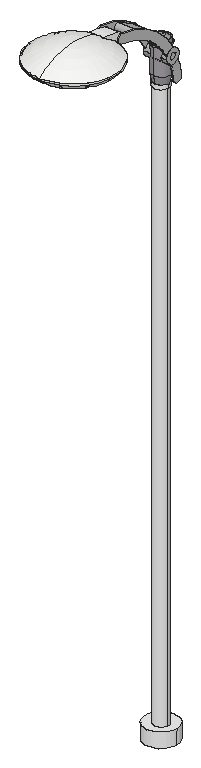
Revit family "FH_Pole", category Lighting Fixtures, Revit 2021
Family settings
  Round Connector Dimension = Use Diameter
  Part Type = Normal
  OmniClass Number = 23.80.70.14.21
  OmniClass Title = Street and Roadway Lighting
  Work Plane-Based = No
  Always vertical = Yes
  Cut with Voids When Loaded = No
  Light Source = No
  Shared = No
  Room Calculation Point = No
Parameters (values of type "FH_Curved_Arm")
  Wattage Comments = "60 LEDs, 68 W"  # constant formula
  Voltage = 120 V
  URL = "https://www.currentlighting.com/aal"
  Type Comments = "Lighting Fixture"  # constant formula
  Straight Arm With Extension = no
  Straight Arm = no
  Straight = FH-Straight : FH-Straight
  Series = "Flex"  # constant formula
  Product Page URL = ""
  Product Documentaion Link = ""
  Power Factor = 1  # constant formula
  Pole Height = Mount Height - 16 1/2"  # 163 1/2"
  Pole Finish = Metal-Aluminum Alloy
  Photometric Notes = "More IES files download on Photometric Web Link"  # constant formula
  Number of Poles = 1
  Mount Height = 180"
  Model = "FH"  # constant formula
  Manufacturer = "Architectural Area Lighting"  # constant formula
  Load Classification = Lighting
  Lamp = "LED"  # constant formula
  Inside Material = Metal-Aluminum-Reflective
  IP Rating = "IP66"  # constant formula
  Housing Material = Metal-Aluminum Alloy
  Glass Material = Glass--Clear
  Finish = "All colors shall be a Super TGIC powder coat paint. Optional white (WH) and custom colors available."
  Extension Rod = no
  Description = "Product Description Flex features AALs exclusive MicroCore technology which provides ample, smooth, even illumination of the environment. The precision aiming system of AALs MicroCore technology ensures that even when looking directly at the luminaire, only one-half of the LEDs can be viewed at any given time. Upgrade kits are available for existing HID installations. Multiple arm designs and mounting options, including single, twin, tri and quad shape, form a versatile create it yourself look."  # constant formula
  Default Elevation = 0"
  Curved Arm with Extension = no
  Curved Arm = yes
  Curved = FH : FH
  Contact us = ""
  Assembly Code = "D5020200"
  Arm Material = Metal-Aluminum Alloy
  Apparent Load = 68 VA
  Height = 17 1/2"
  Angle Bee = 180.00°
Types (4): name | Straight Arm With Extension | Straight Arm | Extension Rod | Curved Arm with Extension | Curved Arm
  FH_Straight_Arm | no | yes | no | no | no
  FH_Straight_Arm_With_Extension | yes | yes | yes | no | no
  FH_Curved_Arm | no | no | no | no | yes
  FH_Curved_Arm_Wtih_Extension | no | no | yes | yes | yes
Reference planes (in)
  plane 1 "Center (Front/Back)": y = 0
  plane 2: z = 177
  plane 3 "Center (Left/Right)": x = -1.40174
  plane 4 "TOP": z = 180
  plane 5: x = 1.59826
  plane 6: x = -4.40174
  plane 7: z = 162.5
  plane 8: x = 7.09826
  plane 9: x = -9.90174
  plane 10: x = 2.59826
  plane 11: x = -5.40174
  plane 12: y = -3
  plane 13: x = 3.34826
  plane 14: x = -6.15174
  plane 15: y = 3
  plane 16: y = 4
  plane 17: y = -4
  plane 18 "Bottom": z = 160.75
  plane 19: z = 163
  plane 20: z = 0
Dimensions and locks (in)
  locked: plane 2 to plane 4 "TOP" at 3
  locked: plane 18 "Bottom" to plane 19 at 2.25
  locked: plane 18 "Bottom" to plane 7 at 1.75
  equal spacing: plane 9, plane 3 "Center (Left/Right)", plane 8
  locked: plane 9 to plane 8 at 17
  plane 17 to plane 1 "Center (Front/Back)" to plane 16 = 4" locked, 4" locked
  plane 12 to plane 1 "Center (Front/Back)" to plane 15 = 3" locked, 3" locked
  plane 14 to plane 3 "Center (Left/Right)" to plane 13 = 4 3/4" locked, 4 3/4" locked
  plane 11 to plane 3 "Center (Left/Right)" to plane 10 = 4" locked, 4" locked
  plane 6 to plane 3 "Center (Left/Right)" to plane 5 = 3" locked, 3" locked
  "Height": plane 7 to plane 4 "TOP"
  "Mount Height": level to plane 4 "TOP"
  locked: nested 2 to plane 1 "Center (Front/Back)" at 23.83524
  locked: plane 4 "TOP" to nested 2 at 16.5
  aligned and locked: plane 3 "Center (Left/Right)" to nested 1
  aligned and locked: plane 19 to nested 3
  aligned and locked: nested 2 to nested 3
  aligned and locked: nested 3 to nested 2
  aligned and locked: nested 4 to nested 2
  aligned and locked: nested 4 to plane 19
  aligned and locked: nested 2 to nested 4
Nested families (in)
  nested 1: "Notation" at (-1.40174, 8.53943, 0), type "Notation"
  nested 2: "Lighting_Fixture-Kim_Lighting-Post" at (-1.40174, -23.83524, 0), type "Lighting_Fixture-Kim_Lighting-Post"
    with Total Pole Height 163 1/2"
  nested 3: "FH" at (-1.40174, -55.8998, 162.99941), visible <- "Curved Arm", type <- "Curved", type "FH"
    with Note Visible no, Curved Arm With Extension no
  nested 4: "FH-Straight" at (-1.40174, -55.8998, 162.99941), visible <- "Straight Arm", type <- "Straight", type "FH-Straight"
Connectors (in)
  electrical at (-1.40174, -23.83524, 0), driven by "Voltage", driven by "Apparent Load", driven by "Power Factor"
    settings: on nested 2, index 1, voltage 120 V, apparent load 68 VA, apparent load phase1 0 VA, apparent load phase2 0 VA, apparent load phase3 0 VA, power factor 1, load classification "Other", number of poles 1, system type 30, power factor state 1, is connector primary yes, connector utility no, sub classification motor no, connector description "Lighting connector"
Definition of nested family "Lighting_Fixture-Kim_Lighting-Post"
  Parameters
    URL = "www.kimlighting.com"
    Total Pole Height = 192"
    Series = "Site/Roadway"  # constant formula
    Revisions Date = "1/11/10"  # constant formula
    Default Elevation = 0"
    Cap Radius = Pole Radius + 1/8"  # 2 1/8"
    Base Radius = 4 1/2"  # constant formula
    Pole Radius = 2"  # constant formula
    OmniClass Title = "Lighting Poles and Standards"  # constant formula
    OmniClass Number = "23.60.30.24.14"  # constant formula
    Model = ""
    Material = none
    MasterFormat Title = "Lighting Poles and Standards"  # constant formula
    MasterFormat Number = "26.56.13"  # constant formula
    Manufacturer = "KIM Lighting"  # constant formula
    LEED = "www.usgbc.org"
    Height of Base = 4"  # constant formula
    Description = "Lighting Post"  # constant formula
    Assembly Code = "D5020280"
    Architectural Design Manual = ""
  Reference planes (in)
    plane 1 "Center (Front/Back)": y = 0
    plane 2: z = 4
    plane 3 "Center (Left/Right)": x = 0
    plane 4 "Top": z = 192
    plane 5: y = -2
    plane 6: y = -4.5
    plane 7: x = -4.5
    plane 8: x = 4.5
    plane 9: y = 4.5
  Forms (in)
    Extrusion 1, solid, material <- "Material", detail levels medium+fine
      sketch origin (0, 0, 0) x (1, 0, 0) y (0, 1, 0)
        loop
          circle (0, 0) r 4.5
      from 0 to 4
    Extrusion 2, solid, material <- "Material"
      sketch origin (0, 0, 4) x (1, 0, 0) y (0, 1, 0)
        loop
          circle (0, 0) r 2
      from -4 to 188
    Extrusion 3, solid, material <- "Material", detail levels fine
      sketch origin (0, 0, 0) x (1, 0, 0) y (0, 1, 0)
        loop
          circle (0, 0) r 2.125
      from 190.99811 to 192
  Lines and regions (in)
    Masking region 1, detail levels medium+fine
      outline origin (0, 0, 0) x (1, 0, 0) y (0, 1, 0)
        loop
          circle (0, 0) r 4.5
    Masking region 2, detail levels medium+fine
      outline origin (0, 0, 0) x (1, 0, 0) y (0, 0, 1)
        loop
          line (-4.5, 0) -> (4.5, 0) -> (4.5, 4) -> (2, 4) -> (2, 192) -> (-2, 192) -> (-2, 4) -> (-4.5, 4) -> (-4.5, 0)
    Masking region 3, detail levels medium+fine
      outline origin (0, 0, 0) x (0, 1, 0) y (0, 0, 1)
        loop
          line (4.5, 0) -> (4.5, 4) -> (2, 4) -> (2, 192) -> (-2, 192) -> (-2, 4) -> (-4.5, 4) -> (-4.5, 0) -> (4.5, 0)
    Masking region 4, detail levels coarse
      outline origin (0, 0, 0) x (1, 0, 0) y (0, 0, 1)
        loop
          line (-2, 192) -> (-2, 0) -> (2, 0) -> (2, 192) -> (-2, 192)
    Masking region 5, detail levels coarse
      outline origin (0, 0, 0) x (0, 1, 0) y (0, 0, 1)
        loop
          line (2, 192) -> (-2, 192) -> (-2, 0) -> (2, 0) -> (2, 192)
    Masking region 6, detail levels fine
      outline origin (0, 0, 0) x (1, 0, 0) y (0, 0, 1)
        loop
          line (-2.125, 192) -> (-2.125, 190.99811) -> (2.125, 190.99811) -> (2.125, 192) -> (-2.125, 192)
    symbolic lines, detail levels fine
      curve 1: circle (0, 0, 0) r 2 normal (0, 0, 1)
      curve 2: circle (0, 0, 0) r 4.5 normal (0, 0, 1)
      curve 3: line (-2, 0, 4) -> (2, 0, 4)
      curve 4: line (0, 2, 4) -> (0, -2, 4)
    symbolic lines, detail levels coarse
      curve 5: line (-4.5, 4.5, 0) -> (4.5, 4.5, 0)
      curve 6: line (-4.5, -4.5, 0) -> (-4.5, 4.5, 0)
      curve 7: line (4.5, -4.5, 0) -> (-4.5, -4.5, 0)
      curve 8: line (4.5, 4.5, 0) -> (4.5, -4.5, 0)
  Dimensions and locks (in)
    "Height of Base": plane 2 to level
    "Total Pole Height": plane 4 "Top" to level
    "Pole Radius": plane 1 "Center (Front/Back)" to plane 5
    "Base Radius": plane 1 "Center (Front/Back)" to plane 6
    Masking region 2 sketch curve to Masking region 2 sketch curve to plane 3 "Center (Left/Right)" to Masking region 2 sketch curve to Masking region 2 sketch curve = 2 1/2" locked, 2" locked, 2" locked, 2 1/2" locked
    Masking region 3 sketch curve to Masking region 3 sketch curve to plane 1 "Center (Front/Back)" to Masking region 3 sketch curve to Masking region 3 sketch curve = 2 1/2" locked, 2" locked, 2" locked, 2 1/2" locked
    "Pole Radius": plane 3 "Center (Left/Right)" to Masking region 4 sketch curve
    "Pole Radius": Masking region 4 sketch curve to plane 3 "Center (Left/Right)"
    "Pole Radius": Masking region 5 sketch curve to plane 1 "Center (Front/Back)"
    "Pole Radius": plane 1 "Center (Front/Back)" to Masking region 5 sketch curve
    "Base Radius": plane 6 to plane 1 "Center (Front/Back)"
    "Base Radius": plane 1 "Center (Front/Back)" to plane 9
    "Base Radius": plane 7 to plane 3 "Center (Left/Right)"
    "Base Radius": plane 3 "Center (Left/Right)" to plane 8
    locked: plane 4 "Top" to Extrusion 3 at 1.00189
    "Cap Radius": Masking region 6 sketch curve to plane 3 "Center (Left/Right)"  (x2)
    "Base Radius": radius of Extrusion 1 sketch curve
    "Pole Radius": radius of Extrusion 2 sketch curve
    "Base Radius": radius of curve 2
    "Pole Radius": radius of curve 1
    "Base Radius": radius of Masking region 1 sketch curve
    "Cap Radius": radius of Extrusion 3 sketch curve
    aligned and locked: plane 1 "Center (Front/Back)" to Extrusion 1 sketch curve
    aligned and locked: plane 3 "Center (Left/Right)" to Extrusion 1 sketch curve
    aligned and locked: Extrusion 1 to level
    aligned and locked: plane 2 to Extrusion 1
    aligned and locked: plane 1 "Center (Front/Back)" to Extrusion 2 sketch curve
    aligned and locked: plane 3 "Center (Left/Right)" to Extrusion 2 sketch curve
    aligned and locked: plane 4 "Top" to Extrusion 2
    aligned and locked: plane 3 "Center (Left/Right)" to curve 1
    aligned and locked: plane 3 "Center (Left/Right)" to curve 2
    aligned and locked: plane 1 "Center (Front/Back)" to curve 2
    aligned and locked: plane 1 "Center (Front/Back)" to curve 1
    aligned and locked: plane 3 "Center (Left/Right)" to Masking region 1 sketch curve
    aligned and locked: plane 1 "Center (Front/Back)" to Masking region 1 sketch curve
    aligned and locked: Extrusion 2 to level
    aligned and locked: Masking region 2 sketch curve to level
    aligned and locked: plane 2 to Masking region 2 sketch curve  (x2)
    aligned and locked: plane 4 "Top" to Masking region 2 sketch curve
    aligned and locked: Masking region 2 to curve 3  (x2)
    aligned and locked: curve 3 to plane 2
    aligned and locked: plane 4 "Top" to Masking region 3 sketch curve
    aligned and locked: plane 2 to Masking region 3 sketch curve  (x2)
    aligned and locked: Masking region 3 sketch curve to level
    aligned and locked: Masking region 3 to curve 4
    aligned and locked: plane 5 to curve 4
    aligned and locked: curve 4 to plane 2
    aligned and locked: level to Masking region 4 sketch curve
    aligned and locked: Masking region 4 sketch curve to plane 4 "Top"
    aligned and locked: level to Masking region 5 sketch curve
    aligned and locked: Masking region 5 sketch curve to plane 4 "Top"
    aligned and locked: plane 7 to curve 5
    aligned and locked: plane 9 to curve 5
    aligned and locked: plane 6 to curve 8
    aligned and locked: curve 8 to plane 8
    aligned and locked: plane 4 "Top" to Extrusion 3
    aligned and locked: plane 4 "Top" to Masking region 6 sketch curve
    aligned and locked: Masking region 6 sketch curve to Extrusion 3
  Automatic sketch dimensions
    Extrusion 3 sketch curve to plane 1 "Center (Front/Back)" = 0"
    Extrusion 3 sketch curve to plane 3 "Center (Left/Right)" = 0"
Definition of nested family "FH"
  Parameters
    Straight Arm With Extension = no
    Pole Finish = none
    Extension Rod = yes
    Default elevation = 0"
    Height = 31"  # constant formula
    Length = 42"  # constant formula
    Wattage Comments = "MH150/U"
    Wattage = 80 W
    built-in parameter 1150110 = 1 (stored number, unit not read)
    Voltage = 277 V  # constant formula
    Width = 4"  # constant formula
    URL = "http://www.aal.net/"
    built-in parameter 1114217 = 1 (stored number, unit not read)
    Tilt Angle = 90.00°
    built-in parameter 1150109 = 1 (stored number, unit not read)
    built-in parameter 1150134 = (empty or 0)
    built-in parameter 1150113 = 1 (stored number, unit not read)
    Series = "FLex"  # constant formula
    Revision Date = "02/23/2010"  # constant formula
    Framing Material = none
    Power Factor = 1  # constant formula
    Photometric Web File = "FH-T2-56LED-3K-450.ies"
    OmniClass Title = "Post-Top Lighting"  # constant formula
    OmniClass Number = "23.80.70.14.11.14"  # constant formula
    Number of Poles = 1
    Note Visible = yes
    Note Text = "LF"  # constant formula
    Model = "24\" , FH2-150MH"
    MasterFormat Title = "Area Lighting"  # constant formula
    MasterFormat Number = "26.56.29"  # constant formula
    Manufacturer = "Architectural Area Lighting"  # constant formula
    Lumens = 8160 lm
    built-in parameter 1150115 = 1 (stored number, unit not read)
    built-in parameter 1150105 = 649.16 (stored number, unit not read)
    built-in parameter 1150137 = (empty or 0)
    built-in parameter 1150139 = (empty or 0)
    built-in parameter 1150112 = 1 (stored number, unit not read)
    built-in parameter 1150114 = 1 (stored number, unit not read)
    Lamp = "150 WATT MEDIUM BASE ED-17 CLEAR MH LAMP"
    built-in parameter 1150132 = (empty or 0)
    built-in parameter 1150102 = (empty or 0)
    built-in parameter 1150138 = (empty or 0)
    built-in parameter 1150107 = 3000 (stored number, unit not read)
    built-in parameter 1150106 = 6.4916 (stored number, unit not read)
    Housing Material = none
    Glazing Type = none
    Full Load Current = 0.73 A  # constant formula
    Frequency = 60 Hz  # constant formula
    built-in parameter 1150104 = 9.4761 (stored number, unit not read)
    Dimming Lamp Color Temperature Shift = (empty or 0)
    Description = "Exterior Lighting"  # constant formula
    Default Elevation = 0"
    Curved Arm With Extension = yes
    Color Filter = 16777215
    built-in parameter 1114218 = 1 (stored number, unit not read)
    built-in parameter 1150133 = 10 (stored number, unit not read)
    Assembly Code = "D5020210"
    Architectural Design Manual = "http://www.aal.net/sections/downloads/html/downloads.html"
    Apparent Load = 150 VA
    Absolute Lumens = 12500 lm
    AAL IES File = "FH2-150MH.IES"
  Reference planes (in)
    plane 1 "Light Source Axis (F/B)": y = 1.68956
    plane 2: z = 0.00059
    plane 3 "Light Source Axis (L/R)": x = 0
    plane 4 "Light Source Elevation": z = 18.00059
    plane 5 "Top": z = 31.00059
    plane 6 "Back": y = 32.06456
    plane 7 "Front": y = -9.93544
    plane 8: y = 13.31456
  Forms (in)
    Revolve 1, solid, material <- "Housing Material"
      sketch origin (0, 0, 0) x (0, 1, 0) y (0, 0, 1)
        loop
          arc (1.68956, 23.41936) -> (-4.44431, 22.41331) -> (-9.93544, 19.50059) r 19.20214
          line (-9.93544, 19.50059) -> (-9.93544, 19.00059) -> (-9.68544, 19.00059) -> (-9.68544, 19.37614)
          arc (-9.68544, 19.37614) -> (-4.30584, 22.19606) -> (1.68956, 23.16936) r 18.95214
          line (1.68956, 23.16936) -> (1.68956, 23.41936)
        axis (1.68956, 23.41936) -> (1.68956, 19.00059)
      angle from 0 to 360
    Revolve 2, solid, material <- "Housing Material"
      sketch origin (0, 0, 0) x (0, 1, 0) y (0, 0, 1)
        loop
          line (-5.93544, 17.00059) -> (-5.93544, 17.06309) -> (-6.1739, 17.06309)
          arc (-6.1739, 17.06309) -> (-8.25434, 17.57991) -> (-9.85966, 19.00059) r 4.50026
          line (-9.85966, 19.00059) -> (-9.93544, 19.00059)
          arc (-9.93544, 19.00059) -> (-8.30246, 17.53465) -> (-6.17399, 17.00059) r 4.56276
          line (-6.17399, 17.00059) -> (-5.93544, 17.00059)
        axis (1.68956, 19.00059) -> (1.68956, 17.00059)
      angle from 0 to 360
    Extrusion 3, solid, material <- "Glazing Type"
      sketch origin (0, 0, 18.00059) x (0, -1, 0) y (-1, 0, 0)
        loop
          circle (-1.68956, 0) r 7.625
      from 0.9375 to 1
    Extrusion 4, solid, material <- "Housing Material"
      sketch origin (0, 0, 0) x (0, 1, 0) y (0, 0, 1)
        loop
          line (9.25725, 21.73831) -> (9.36016, 16.99823)
          arc (9.36016, 16.99823) -> (12.16761, 17.24164) -> (14.90087, 17.92748) r 17.70208
          arc (14.90087, 17.92748) -> (15.87284, 19.34576) -> (14.90087, 20.76405) r 1.52075
          arc (14.90087, 20.76405) -> (12.114, 21.45358) -> (9.25725, 21.73831) r 20.06345
      from -2 to 2
    Extrusion 5, solid, material <- "Framing Material"
      sketch origin (0, 0, 0) x (0, 1, 0) y (0, 0, 1)
        loop
          arc (32.82433, 1.37216) -> (34.26512, 0.34789) -> (35.28939, 1.78867) r 1.25
          arc (35.28939, 1.78867) -> (28.33631, 14.70455) -> (14.96687, 20.73973) r 22.87006
          arc (14.96687, 20.73973) -> (13.60104, 19.61745) -> (14.72333, 18.25162) r 1.25
          arc (14.72333, 18.25162) -> (26.63131, 12.87617) -> (32.82433, 1.37216) r 20.37006
      from 2.75 to 3
    Extrusion 6, solid, material <- "Framing Material"
      sketch origin (0, 12, 0) x (0, 1, 0) y (0, 0, 1)
        loop
          arc (20.82433, 1.37216) -> (22.26512, 0.34789) -> (23.28939, 1.78867) r 1.25
          arc (23.28939, 1.78867) -> (16.33631, 14.70455) -> (2.96687, 20.73973) r 22.87006
          arc (2.96687, 20.73973) -> (1.60104, 19.61745) -> (2.72333, 18.25162) r 1.25
          arc (2.72333, 18.25162) -> (14.63131, 12.87617) -> (20.82433, 1.37216) r 20.37006
      from -2.75 to -3
    Revolve 7, solid
      sketch origin (0, 0, 0) x (0, 1, 0) y (0, 0, 1)
        loop
          line (32.06456, 0.00059) -> (32.06456, 11.96459) -> (31.00234, 11.96459) -> (30.13372, 11.47198) -> (29.63372, 11.47198) -> (29.63372, 10.41968) -> (29.38372, 10.41968) -> (29.38372, 10.16968) -> (29.63372, 10.16968) -> (29.63372, 2.68011) -> (30.25234, 0.00059) -> (32.06456, 0.00059)
        axis (32.06456, 0.00059) -> (32.06456, 11.96459)
      angle from 0 to 360
    Extrusion 8, solid, material <- "Framing Material"
      sketch origin (0, 0, 0) x (0, 1, 0) y (0, 0, 1)
        loop
          circle (32.06456, 7.72793) r 1
        loop
          circle (32.06456, 7.72793) r 2
      from -3.25 to 3.25
    Extrusion 9, solid, material <- "Framing Material"
      sketch origin (0, 0, 0) x (0, 1, 0) y (0, 0, 1)
        loop
          arc (19.59353, 17.42586) -> (23.47802, 15.58128) -> (26.89545, 12.97114) r 20.62006
          arc (26.89545, 12.97114) -> (28.1205, 13.18976) -> (28.26853, 14.42532) r 1.04542
          arc (28.26853, 14.42532) -> (24.51963, 17.28863) -> (20.25838, 19.31212) r 22.62006
          arc (20.25838, 19.31212) -> (19.17669, 18.63308) -> (19.59353, 17.42586) r 1.02659
      from -2.75 to 2.75
    Revolve 10, solid, material <- "Pole Finish", visible <- "Curved Arm With Extension"
      sketch origin (0.05732, 55.69327, -163.0152) x (0, 1, 0) y (0, 0, 1)
        loop
          line (-23.83524, 174.964) -> (-23.83524, 194.6515)
          arc (-23.83524, 194.6515) -> (-24.71112, 194.33015) -> (-25.40049, 193.7015) r 2.42135
          line (-25.40049, 193.7015) -> (-25.40049, 193.59375) -> (-25.24149, 193.59375) -> (-25.24149, 193.375) -> (-25.40049, 193.375) -> (-25.40049, 191.46674) -> (-24.96024, 191.0265) -> (-24.96024, 174.964) -> (-23.83524, 174.964)
        axis (-23.83524, 174.964) -> (-23.83524, 194.6515)
      angle from 0 to 360
    Revolve 11, solid, material <- "Pole Finish", visible <- "Curved Arm With Extension"
      sketch origin (2.08401, 48.41128, 47.52375) x (1, 0, 0) y (0, 0.681998, 0.731354)
        loop
          line (-3.68127, -25.40448) -> (-3.58258, -25.40448) -> (-3.58258, -24.46424)
          arc (-3.58258, -24.46424) -> (-3.46708, -24.30979) -> (-3.423, -24.12203) r 0.47197
          arc (-3.423, -24.12203) -> (-3.5951, -23.93195) -> (-3.83258, -23.83524) r 0.57684
          line (-3.83258, -23.83524) -> (-3.83258, -39.94098) -> (-3.68127, -39.94098) -> (-3.68127, -25.40448)
        axis (-3.83258, -23.83524) -> (-3.83258, -39.94098)
      angle from 0 to 360
    Revolve 12, solid, material <- "Pole Finish", visible <- "Curved Arm With Extension"
      sketch origin (-1.96937, 48.41128, 47.52375) x (-1, 0, 0) y (0, -0.681998, -0.731354)
        loop
          line (-3.68127, 25.40448) -> (-3.68127, 40.16707) -> (-3.83258, 40.16707) -> (-3.83258, 23.83524)
          arc (-3.83258, 23.83524) -> (-3.5951, 23.93195) -> (-3.423, 24.12203) r 0.57684
          arc (-3.423, 24.12203) -> (-3.46708, 24.30979) -> (-3.58258, 24.46424) r 0.47197
          line (-3.58258, 24.46424) -> (-3.58258, 25.40448) -> (-3.68127, 25.40448)
        axis (-3.83258, 23.83524) -> (-3.83258, 40.16707)
      angle from 0 to 360
  Cuts and joins
    joined: Extrusion 5, Extrusion 6, Extrusion 8
    joined: Revolve 1, Extrusion 4
  Lines and regions (in)
    reference lines
      curve 1: line (0, 37.41735, 7.8317) -> (0, 7.10647, 25.3317)
    symbolic lines, detail levels fine
      curve 2: arc (0, 13.31456, 19.4909) -> (0, 11.43775, 20.7238) -> (0, 9.43162, 21.73271) r 19.49638
      curve 3: arc (0, 13.31456, 19.00059) -> (0, 11.68119, 17.53532) -> (0, 9.55311, 17.00037) r 4.56967
      curve 4: line (0, 13.31456, 19.00059) -> (0, 13.31456, 19.4909)
      curve 5: arc (0, 14.96687, 20.73973) -> (0, 13.60104, 19.61745) -> (0, 14.72333, 18.25162) r 1.25
      curve 6: arc (0, 14.72333, 18.25162) -> (0, 23.62613, 15.19498) -> (0, 30.20417, 8.46206) r 20.37006
      curve 7: arc (0, 32.37456, 9.70376) -> (0, 24.98443, 17.29394) -> (0, 14.96687, 20.73973) r 22.87006
      curve 8: arc (0, 32.82433, 1.37216) -> (0, 34.26512, 0.34789) -> (0, 35.28939, 1.78867) r 1.25
      curve 9: circle (0, 32.06456, 7.72793) r 2 normal (1, 0, 0)
      curve 10: circle (0, 32.06456, 7.72793) r 1 normal (-1, 0, 0)
      curve 11: arc (0, 31.54946, 5.7954) -> (0, 32.31224, 3.61991) -> (0, 32.82433, 1.37216) r 20.37006
      curve 12: arc (0, 35.28939, 1.78867) -> (0, 34.70719, 4.33745) -> (0, 33.83789, 6.80312) r 22.87006
      curve 13: line (0, 32.559, 2.68011) -> (0, 29.44594, 2.68011)
      curve 14: line (0, 31.92894, 10.41968) -> (0, 34.93317, 10.41968)
      curve 15: line (0, 32.08873, 10.16968) -> (0, 34.93317, 10.16968)
      curve 16: line (0, 31.20418, 11.47198) -> (0, 34.18317, 11.47198)
      curve 17: line (0, 31.06456, 11.96459) -> (0, 33.06456, 11.96459)
  Dimensions and locks (in)
    "Height": plane 5 "Top" to plane 2
    locked: plane 5 "Top" to plane 4 "Light Source Elevation" at 13
    equal spacing: plane 8, plane 1 "Light Source Axis (F/B)", plane 7 "Front"
    plane 6 "Back" to plane 8 = 18 3/4"
    "Length": plane 6 "Back" to plane 7 "Front"
    plane 4 "Light Source Elevation" to Revolve 1 sketch curve to Revolve 1 sketch curve = 5.16876" locked, 1/4" locked
    locked: Revolve 1 sketch curve to plane 7 "Front" at 0.25
    Revolve 2 sketch curve to Revolve 2 sketch curve to plane 4 "Light Source Elevation" = 1/16" locked, 15/16" locked
    Revolve 2 sketch curve to Revolve 2 sketch curve to plane 4 "Light Source Elevation" = 1/16" locked, 0.93752" locked
    locked: plane 4 "Light Source Elevation" to Revolve 2 sketch curve at 1
    locked: Revolve 2 sketch curve to plane 7 "Front" at 4
    locked: plane 3 "Light Source Axis (L/R)" to Extrusion 3 sketch curve at 7.625
    Extrusion 4 sketch curve to plane 8 to Extrusion 4 sketch curve to Extrusion 4 sketch curve = 2.55828" locked, 3.9544" locked, 0.10291" locked
    Extrusion 4 sketch curve to Extrusion 4 sketch curve to plane 4 "Light Source Elevation" to Extrusion 4 sketch curve to Extrusion 4 sketch curve = 0.92925" locked, 0.07312" locked, 2.76346" locked, 0.97426" locked
    locked: curve 1 to plane 4 "Light Source Elevation" at 10.16889
    locked: curve 1 to plane 6 "Back" at 5.3528
    locked: plane 8 to curve 1 at 6.20809
    locked: plane 5 "Top" to curve 1 at 5.66889
    equal spacing: Extrusion 5 sketch curve, Extrusion 5 sketch curve, plane 8
    plane 5 "Top" to Extrusion 5 sketch curve to Extrusion 5 sketch curve = 10.26086" locked, 2.48811" locked
    Extrusion 5 sketch curve to Extrusion 5 sketch curve to plane 2 = 0.41651" locked, 1.37157" locked
    Extrusion 5 sketch curve to Extrusion 5 sketch curve to plane 6 "Back" = 2.46506" locked, 0.75978" locked
    plane 2 to Extrusion 5 sketch curve to Extrusion 5 sketch curve = 2.02215" locked, 0" locked
    locked: plane 8 to Extrusion 5 sketch curve at 0.5756
    plane 8 to Extrusion 5 sketch curve = 0.5756"
    locked: Extrusion 6 sketch curve to Extrusion 6 sketch curve
    Extrusion 6 sketch curve to Extrusion 6 sketch curve to plane 8 = 0.24354" locked, 1.40877" locked
    equal spacing: plane 4 "Light Source Elevation", Extrusion 6 sketch curve, Extrusion 6 sketch curve
    Extrusion 6 sketch curve to Extrusion 6 sketch curve to plane 6 "Back" = 2.46506" locked, 0.75978" locked
    equal spacing: Extrusion 6 sketch curve, Extrusion 6 sketch curve, plane 2
    locked: plane 2 to Extrusion 6 sketch curve at 2.02215
    plane 2 to Extrusion 6 sketch curve = 2.02215"
    plane 8 to Extrusion 6 sketch curve to Extrusion 6 sketch curve = 0.5756" locked, 0" locked
    Revolve 7 sketch curve to Revolve 7 sketch curve to Revolve 7 sketch curve to Revolve 7 sketch curve to Revolve 7 sketch curve to Revolve 7 sketch curve = 1.06222" locked, 3/4" locked, 0.11862" locked, 1/2" locked, 1/4" locked
    Revolve 7 sketch curve to Revolve 7 sketch curve to Revolve 7 sketch curve to Revolve 7 sketch curve to Revolve 7 sketch curve to plane 2 = 0.4926" locked, 1.0523" locked, 1/4" locked, 7.48957" locked, 2.67952" locked
    Extrusion 8 sketch curve to Extrusion 8 sketch curve to plane 2 = 0" locked, 7.72734" locked
    curve 15 to curve 14 to curve 13 to curve 15 to plane 6 "Back" to curve 14 to curve 13 = 0" locked, 2.37418" locked, 0.47027" locked, 0.02417" locked, 0.13561" locked, 2.483" locked
    plane 8 to curve 3 to curve 2 = 3.76145" locked, 0.12149" locked
    curve 3 to plane 4 "Light Source Elevation" to curve 4 to curve 4 to curve 2 = 1.00026" locked, 1" locked, 0.4903" locked, 2.24182" locked
    curve 16 to curve 17 to plane 6 "Back" to curve 16 to curve 17 = 1.11862" locked, 1" locked, 0.86038" locked, 0.13962" locked
    aligned and locked: plane 4 "Light Source Elevation" to imposter light
    aligned and locked: plane 3 "Light Source Axis (L/R)" to imposter light
    aligned and locked: plane 1 "Light Source Axis (F/B)" to imposter light
    aligned and locked: plane 1 "Light Source Axis (F/B)" to Revolve 1 sketch curve
    aligned and locked: Revolve 1 sketch curve to plane 7 "Front"
    aligned and locked: Revolve 1 sketch curve to Revolve 1 sketch curve
    aligned and locked: Revolve 2 sketch curve to plane 1 "Light Source Axis (F/B)"
    aligned and locked: plane 1 "Light Source Axis (F/B)" to Extrusion 3 sketch curve
    aligned and locked: plane 3 "Light Source Axis (L/R)" to Extrusion 3 sketch curve
    aligned and locked: Revolve 7 sketch curve to plane 6 "Back"
    aligned and locked: Revolve 7 sketch curve to Revolve 7 sketch curve  (x2)
    aligned and locked: Revolve 7 sketch curve to plane 2
    aligned and locked: plane 6 "Back" to Extrusion 8 sketch curve  (x2)
    aligned and locked: curve 5 to cut or joined group of Extrusion 5, Extrusion 6, Extrusion 8
    aligned and locked: curve 6 to cut or joined group of Extrusion 5, Extrusion 6, Extrusion 8
    aligned and locked: curve 7 to cut or joined group of Extrusion 5, Extrusion 6, Extrusion 8
    aligned and locked: curve 8 to cut or joined group of Extrusion 5, Extrusion 6, Extrusion 8
    aligned and locked: curve 9 to cut or joined group of Extrusion 5, Extrusion 6, Extrusion 8
    aligned and locked: curve 10 to cut or joined group of Extrusion 5, Extrusion 6, Extrusion 8
    aligned and locked: curve 11 to cut or joined group of Extrusion 5, Extrusion 6, Extrusion 8
    aligned and locked: curve 12 to cut or joined group of Extrusion 5, Extrusion 6, Extrusion 8
    aligned and locked: curve 4 to plane 8
  Automatic sketch dimensions
    Revolve 1 sketch curve to Revolve 1 sketch curve = 0"
    Revolve 1 sketch curve to plane 4 "Light Source Elevation" = 1 1/2"
    Revolve 1 sketch curve to Revolve 1 sketch curve = 0.37555"
    Revolve 1 sketch curve to level = 37"
    plane 5 "Top" to Revolve 1 sketch curve = 34.72669"
    Revolve 2 sketch curve to Revolve 2 sketch curve = 0"  (x2)
    Revolve 2 sketch curve to plane 7 "Front" = 0"
    Revolve 2 sketch curve to Revolve 2 sketch curve = 0.07578"
    Revolve 2 sketch curve to level = 37"
    plane 5 "Top" to Revolve 2 sketch curve = 34.72669"
    Extrusion 4 sketch curve to plane 8 = 4.07492"
    plane 2 to Extrusion 4 sketch curve = 1.68198"
    Extrusion 4 sketch curve to plane 8 = 4.61364"
    Extrusion 4 sketch curve to Extrusion 4 sketch curve = 0.54878"
    Extrusion 5 sketch curve to plane 4 "Light Source Elevation" = 0.25103"
    plane 8 to Extrusion 5 sketch curve = 1.40877"
    Extrusion 5 sketch curve to Extrusion 5 sketch curve = 0"
    Extrusion 6 sketch curve to Extrusion 6 sketch curve = 0"  (x3)
    plane 2 to Extrusion 6 sketch curve = 1.37157"
    Revolve 7 sketch curve to level = 0"
    plane 5 "Top" to Revolve 7 sketch curve = 34.72669"
    curve 2 to plane 1 "Light Source Axis (F/B)" = 0"
    curve 2 to curve 3 = 0.10405"
    curve 16 to curve 17 = 0.4926"
    Extrusion 9 sketch curve to Extrusion 9 sketch curve = 0"  (x2)
    plane 8 to Extrusion 9 sketch curve = 6.94382"
    plane 4 "Light Source Elevation" to Extrusion 9 sketch curve = 0.57473"
    Extrusion 9 sketch curve to plane 8 = 0.5756"
    Extrusion 9 sketch curve to plane 4 "Light Source Elevation" = 0.29123"
    Extrusion 9 sketch curve to Extrusion 9 sketch curve = 0.55137"
    Extrusion 9 sketch curve to Extrusion 9 sketch curve = 0.11348"
    Extrusion 9 sketch curve to Extrusion 9 sketch curve = 0.46493"
    Extrusion 9 sketch curve to Extrusion 9 sketch curve = 0.90815"
    Extrusion 9 sketch curve to plane 6 "Back" = 5.16911"
    plane 4 "Light Source Elevation" to Extrusion 9 sketch curve = 5.02945"
    Revolve 10 sketch curve to plane 7 "Front" = 40.22822"
    Revolve 10 sketch curve to Revolve 10 sketch curve = 0"
    Revolve 10 sketch curve to Revolve 10 sketch curve = 0.159"
    Revolve 10 sketch curve to plane 7 "Front" = 40.66847"
    Revolve 10 sketch curve to plane 7 "Front" = 41.79347"  (x2)
    Revolve 10 sketch curve to plane 7 "Front" = 42.1739"
    Revolve 10 sketch curve to plane 5 "Top" = 19.0518"
    Revolve 10 sketch curve to Revolve 10 sketch curve = 16 1/16"
    Revolve 10 sketch curve to Revolve 10 sketch curve = 0.44025"
    Revolve 10 sketch curve to Revolve 10 sketch curve = 1.23372"
    Revolve 10 sketch curve to Revolve 10 sketch curve = 1.90826"
    Revolve 10 sketch curve to Revolve 10 sketch curve = 7/32"
    Revolve 10 sketch curve to Revolve 10 sketch curve = 0.10775"
    Revolve 10 sketch curve to Revolve 10 sketch curve = 16.214"
    Revolve 10 sketch curve to Revolve 10 sketch curve = 3.0985"
    Revolve 11 sketch curve to plane 3 "Light Source Axis (L/R)" = 1.84195"
    Revolve 11 sketch curve to Revolve 11 sketch curve = 0.03114"
    Revolve 11 sketch curve to Revolve 11 sketch curve = 0.09339"
    Revolve 11 sketch curve to Revolve 11 sketch curve = 0.15131"
    Revolve 11 sketch curve to Revolve 11 sketch curve = 0.09869"
    Revolve 11 sketch curve to Revolve 11 sketch curve = 14.53651"
    Revolve 11 sketch curve to Revolve 11 sketch curve = 0.94024"
    Revolve 11 sketch curve to Revolve 11 sketch curve = 0.05977"
    Revolve 11 sketch curve to Revolve 11 sketch curve = 0.29415"
    Revolve 11 sketch curve to Revolve 11 sketch curve = 0.27509"
    Revolve 11 sketch curve to Revolve 11 sketch curve = 0"  (x2)
    Revolve 11 sketch curve to Revolve 11 sketch curve = 0.39426"
    plane 3 "Light Source Axis (L/R)" to Revolve 12 sketch curve = 1.9566"
    Revolve 12 sketch curve to Revolve 12 sketch curve = 0.03114"
    Revolve 12 sketch curve to Revolve 12 sketch curve = 0.09339"
    Revolve 12 sketch curve to Revolve 12 sketch curve = 0.15131"
    Revolve 12 sketch curve to Revolve 12 sketch curve = 0.09869"
    Revolve 12 sketch curve to Revolve 12 sketch curve = 0.27509"
    Revolve 12 sketch curve to Revolve 12 sketch curve = 0.29415"
    Revolve 12 sketch curve to Revolve 12 sketch curve = 0.05977"
    Revolve 12 sketch curve to Revolve 12 sketch curve = 0.94024"
    Revolve 12 sketch curve to Revolve 12 sketch curve = 14.76259"
    Revolve 12 sketch curve to Revolve 12 sketch curve = 0"  (x2)
    Revolve 12 sketch curve to Revolve 12 sketch curve = 0.16817"
    radius of Extrusion 8 sketch curve = 1"
    radius of Extrusion 8 sketch curve = 2"
Definition of nested family "FH-Straight"
  Parameters
    Wattage = 80 W
    built-in parameter 1150110 = 1 (stored number, unit not read)
    built-in parameter 1114217 = 1 (stored number, unit not read)
    Tilt Angle = 60.00°
    built-in parameter 1150109 = 1 (stored number, unit not read)
    built-in parameter 1150134 = 3
    built-in parameter 1150113 = 1 (stored number, unit not read)
    Straight Arm With Extension = no
    Pole Finish = none
    Photometric Web File = "FH-T2-56LED-3K-450.ies"
    built-in parameter 1150105 = 649.35 (stored number, unit not read)
    Lumens = 8160 lm
    built-in parameter 1150115 = 1 (stored number, unit not read)
    built-in parameter 1150137 = (empty or 0)
    built-in parameter 1150139 = (empty or 0)
    built-in parameter 1150112 = 1 (stored number, unit not read)
    built-in parameter 1150114 = 1 (stored number, unit not read)
    built-in parameter 1150132 = (empty or 0)
    built-in parameter 1150102 = (empty or 0)
    built-in parameter 1150107 = 3200 (stored number, unit not read)
    built-in parameter 1150138 = (empty or 0)
    built-in parameter 1150106 = 6.4935 (stored number, unit not read)
    Extension Rod = yes
    built-in parameter 1150104 = 9.4761 (stored number, unit not read)
    Dimming Lamp Color Temperature Shift = (empty or 0)
    Default elevation = 0"
    Height = 31"  # constant formula
    Length = 42"  # constant formula
    Wattage Comments = "MH150/U"
    Voltage = 277 V  # constant formula
    Width = 4"  # constant formula
    URL = "http://www.aal.net/"
    Series = "FLex"  # constant formula
    Revision Date = "02/23/2010"  # constant formula
    Framing Material = none
    Power Factor = 1  # constant formula
    OmniClass Title = "Post-Top Lighting"  # constant formula
    OmniClass Number = "23.80.70.14.11.14"  # constant formula
    Number of Poles = 1
    Note Visible = yes
    Note Text = "LF"  # constant formula
    Model = "24\" , FH2-150MH"
    MasterFormat Title = "Area Lighting"  # constant formula
    MasterFormat Number = "26.56.29"  # constant formula
    Manufacturer = "Architectural Area Lighting"  # constant formula
    Lamp = "150 WATT MEDIUM BASE ED-17 CLEAR MH LAMP"
    Housing Material = none
    Glazing Type = none
    Full Load Current = 0.73 A  # constant formula
    Frequency = 60 Hz  # constant formula
    Description = "Exterior Lighting"  # constant formula
    Default Elevation = 0"
    Color Filter = 16777215
    built-in parameter 1114218 = 1 (stored number, unit not read)
    built-in parameter 1150133 = 10 (stored number, unit not read)
    Assembly Code = "D5020210"
    Architectural Design Manual = "http://www.aal.net/sections/downloads/html/downloads.html"
    Apparent Load = 150 VA
    Absolute Lumens = 12500 lm
    AAL IES File = "FH2-150MH.IES"
  Reference planes (in)
    plane 1 "Light Source Axis (F/B)": y = 1.68956
    plane 2: z = 0.00059
    plane 3 "Light Source Axis (L/R)": x = 0
    plane 4 "Light Source Elevation": z = 18.00059
    plane 5 "Top": z = 31.00059
    plane 6 "Back": y = 32.06456
    plane 7 "Front": y = -9.93544
    plane 8: y = 13.31456
  Forms (in)
    Extrusion 1, solid, material <- "Framing Material"
      sketch origin (0, 12, 1.5) x (0, 1, 0) y (0, 0, 1)
        loop
          arc (-0.15813, 7.48973) -> (-1.52396, 6.36745) -> (-0.40167, 5.00162) r 1.25
          line (-0.40167, 5.00162) -> (19.86001, 5.00162)
          arc (19.86001, 5.00162) -> (20.98229, 6.36745) -> (19.61647, 7.48973) r 1.25
          line (19.61647, 7.48973) -> (-0.15813, 7.48973)
      from -2.75 to -3
    Revolve 2, solid, material <- "Housing Material"
      sketch origin (0, 0, 0) x (0, 1, 0) y (0, 0, 1)
        loop
          line (32.06456, 0.00059) -> (32.06456, 11.96459) -> (31.00234, 11.96459) -> (30.13372, 11.47198) -> (29.63372, 11.47198) -> (29.63372, 10.41968) -> (29.38372, 10.41968) -> (29.38372, 10.16968) -> (29.63372, 10.16968) -> (29.63372, 2.68011) -> (30.25234, 0.00059) -> (32.06456, 0.00059)
        axis (32.06456, 0.00059) -> (32.06456, 11.96459)
      angle from 0 to 360
    Extrusion 3, solid, material <- "Framing Material"
      sketch origin (0, 0, 0) x (0, 1, 0) y (0, 0, 1)
        loop
          circle (32.06456, 7.72793) r 1
        loop
          circle (32.06456, 7.72793) r 2
      from -3.25 to 3.25
    Extrusion 4, solid, material <- "Framing Material"
      sketch origin (0, 0, 0) x (0, 1, 0) y (0, 0, 1)
        loop
          arc (16.70527, 8.84814) -> (15.65867, 7.80154) -> (16.70527, 6.75494) r 1.0466
          line (16.70527, 6.75494) -> (24.70527, 6.75494)
          arc (24.70527, 6.75494) -> (25.75187, 7.80154) -> (24.70527, 8.84814) r 1.0466
          line (24.70527, 8.84814) -> (16.70527, 8.84814)
      from -2.75 to 2.75
    Revolve 5, solid, material <- "Housing Material"
      sketch origin (0, -3, -11.5) x (0, 1, 0) y (0, 0, 1)
        loop
          arc (1.68956, 23.41936) -> (-4.44431, 22.41331) -> (-9.93544, 19.50059) r 19.20214
          line (-9.93544, 19.50059) -> (-9.93544, 19.00059) -> (-9.68544, 19.00059) -> (-9.68544, 19.37614)
          arc (-9.68544, 19.37614) -> (-4.30584, 22.19606) -> (1.68956, 23.16936) r 18.95214
          line (1.68956, 23.16936) -> (1.68956, 23.41936)
        axis (1.68956, 23.41936) -> (1.68956, 19.00059)
      angle from 0 to 360
    Revolve 6, solid, material <- "Housing Material"
      sketch origin (0, -3, -11.5) x (0, 1, 0) y (0, 0, 1)
        loop
          line (-5.93544, 17.00059) -> (-5.93544, 17.06309) -> (-6.1739, 17.06309)
          arc (-6.1739, 17.06309) -> (-8.25434, 17.57991) -> (-9.85966, 19.00059) r 4.50026
          line (-9.85966, 19.00059) -> (-9.93544, 19.00059)
          arc (-9.93544, 19.00059) -> (-8.30246, 17.53465) -> (-6.17399, 17.00059) r 4.56276
          line (-6.17399, 17.00059) -> (-5.93544, 17.00059)
        axis (1.68956, 19.00059) -> (1.68956, 17.00059)
      angle from 0 to 360
    Extrusion 7, solid, material <- "Glazing Type"
      sketch origin (0, -3, 6.50059) x (0, -1, 0) y (-1, 0, 0)
        loop
          circle (-1.68956, 0) r 7.625
      from 0.9375 to 1
    Extrusion 8, solid, material <- "Framing Material"
      sketch origin (0, 12, 1.5) x (0, 1, 0) y (0, 0, -1)
        loop
          line (-0.15813, -7.48973) -> (19.61647, -7.48973)
          arc (19.61647, -7.48973) -> (20.98229, -6.36745) -> (19.86001, -5.00162) r 1.25
          line (19.86001, -5.00162) -> (-0.40167, -5.00162)
          arc (-0.40167, -5.00162) -> (-1.52396, -6.36745) -> (-0.15813, -7.48973) r 1.25
      from -2.75 to -3
    Extrusion 9, solid, material <- "Housing Material"
      sketch origin (0, -2.58488, -11.52231) x (0, 1, 0) y (0, 0, 1)
        loop
          line (9.25725, 21.73831) -> (9.36016, 16.99823)
          arc (9.36016, 16.99823) -> (12.16761, 17.24164) -> (14.90087, 17.92748) r 17.70208
          arc (14.90087, 17.92748) -> (15.87284, 19.34576) -> (14.90087, 20.76405) r 1.52075
          arc (14.90087, 20.76405) -> (12.114, 21.45358) -> (9.25725, 21.73831) r 20.06345
      from -2 to 2
    Revolve 10, solid, material <- "Housing Material", visible <- "Straight Arm With Extension"
      sketch origin (-0.02674, 55.875, -162.99941) x (0, 1, 0) y (0, 0, 1)
        loop
          line (-23.83524, 174.964) -> (-23.83524, 194.6515)
          arc (-23.83524, 194.6515) -> (-24.71112, 194.33015) -> (-25.40049, 193.7015) r 2.42135
          line (-25.40049, 193.7015) -> (-25.40049, 193.59375) -> (-25.24149, 193.59375) -> (-25.24149, 193.375) -> (-25.40049, 193.375) -> (-25.40049, 191.46674) -> (-24.96024, 191.0265) -> (-24.96024, 174.964) -> (-23.83524, 174.964)
        axis (-23.83524, 174.964) -> (-23.83524, 194.6515)
      angle from 0 to 360
    Revolve 11, solid, material <- "Housing Material", visible <- "Straight Arm With Extension"
      sketch origin (1.99995, 48.59301, 47.53954) x (1, 0, 0) y (0, 0.681998, 0.731354)
        loop
          line (-3.68127, -25.40448) -> (-3.58258, -25.40448) -> (-3.58258, -24.46424)
          arc (-3.58258, -24.46424) -> (-3.46708, -24.30979) -> (-3.423, -24.12203) r 0.47197
          arc (-3.423, -24.12203) -> (-3.5951, -23.93195) -> (-3.83258, -23.83524) r 0.57684
          line (-3.83258, -23.83524) -> (-3.83258, -53.07341) -> (-3.68127, -53.07341) -> (-3.68127, -25.40448)
        axis (-3.83258, -23.83524) -> (-3.83258, -53.07341)
      angle from 0 to 360
    Revolve 12, solid, material <- "Housing Material", visible <- "Straight Arm With Extension"
      sketch origin (-2.05343, 48.59301, 47.53954) x (-1, 0, 0) y (0, -0.681998, -0.731354)
        loop
          line (-3.68127, 25.40448) -> (-3.68127, 53.07341) -> (-3.83258, 53.07341) -> (-3.83258, 23.83524)
          arc (-3.83258, 23.83524) -> (-3.5951, 23.93195) -> (-3.423, 24.12203) r 0.57684
          arc (-3.423, 24.12203) -> (-3.46708, 24.30979) -> (-3.58258, 24.46424) r 0.47197
          line (-3.58258, 24.46424) -> (-3.58258, 25.40448) -> (-3.68127, 25.40448)
        axis (-3.83258, 23.83524) -> (-3.83258, 53.07341)
      angle from 0 to 360
  Cuts and joins
    joined: Extrusion 1, Extrusion 3
  Lines and regions (in)
    reference lines
      curve 1: line (0, 37.41735, 7.8317) -> (0, 7.10647, 25.3317)
    symbolic lines, detail levels fine
      curve 2: arc (0, 32.82433, 1.37216) -> (0, 34.26512, 0.34789) -> (0, 35.28939, 1.78867) r 1.25
      curve 3: circle (0, 32.06456, 7.72793) r 2 normal (1, 0, 0)
      curve 4: circle (0, 32.06456, 7.72793) r 1 normal (-1, 0, 0)
      curve 5: arc (0, 31.54946, 5.7954) -> (0, 32.31224, 3.61991) -> (0, 32.82433, 1.37216) r 20.37006
      curve 6: arc (0, 35.28939, 1.78867) -> (0, 34.70719, 4.33745) -> (0, 33.83789, 6.80312) r 22.87006
      curve 7: line (0, 32.559, 2.68011) -> (0, 29.44594, 2.68011)
      curve 8: line (0, 31.92894, 10.41968) -> (0, 34.93317, 10.41968)
      curve 9: line (0, 32.08873, 10.16968) -> (0, 34.93317, 10.16968)
      curve 10: line (0, 31.20418, 11.47198) -> (0, 34.18317, 11.47198)
      curve 11: line (0, 31.06456, 11.96459) -> (0, 33.06456, 11.96459)
  Dimensions and locks (in)
    "Height": plane 5 "Top" to plane 2
    locked: plane 5 "Top" to plane 4 "Light Source Elevation" at 13
    equal spacing: plane 8, plane 1 "Light Source Axis (F/B)", plane 7 "Front"
    plane 6 "Back" to plane 8 = 18 3/4"
    "Length": plane 6 "Back" to plane 7 "Front"
    locked: curve 1 to plane 4 "Light Source Elevation" at 10.16889
    locked: curve 1 to plane 6 "Back" at 5.3528
    locked: plane 8 to curve 1 at 6.20809
    locked: plane 5 "Top" to curve 1 at 5.66889
    plane 8 to Extrusion 1 sketch curve to Extrusion 1 sketch curve = 1.47269", 0.24354" locked
    equal spacing: Extrusion 1 sketch curve, Extrusion 1 sketch curve, plane 4 "Light Source Elevation"
    Revolve 2 sketch curve to Revolve 2 sketch curve to Revolve 2 sketch curve to Revolve 2 sketch curve to Revolve 2 sketch curve to Revolve 2 sketch curve = 1.06222" locked, 3/4" locked, 0.11862" locked, 1/2" locked, 1/4" locked
    Revolve 2 sketch curve to Revolve 2 sketch curve to Revolve 2 sketch curve to Revolve 2 sketch curve to Revolve 2 sketch curve to plane 2 = 0.4926" locked, 1.0523" locked, 1/4" locked, 7.48957" locked, 2.67952" locked
    Extrusion 3 sketch curve to Extrusion 3 sketch curve to plane 2 = 0" locked, 7.72734" locked
    curve 9 to curve 8 to curve 7 to curve 9 to plane 6 "Back" to curve 8 to curve 7 = 0" locked, 2.37418" locked, 0.47027" locked, 0.02417" locked, 0.13561" locked, 2.483" locked
    curve 10 to curve 11 to plane 6 "Back" to curve 10 to curve 11 = 1.11862" locked, 1" locked, 0.86038" locked, 0.13962" locked
    "Default elevation": plane 2 to level
    locked: Revolve 5 sketch curve to Revolve 5 sketch curve at 0.25
    locked: Revolve 6 sketch curve to Revolve 6 sketch curve at 0.0625  (x2)
    locked: Extrusion 1 sketch curve to Extrusion 1 sketch curve at 0.24354
    locked: Extrusion 8 sketch curve to Extrusion 8 sketch curve at 0.24354  (x2)
    Extrusion 8 sketch curve to Extrusion 8 sketch curve = 2.48811"
    Extrusion 9 sketch curve to Extrusion 9 sketch curve to Extrusion 9 sketch curve = 6.51268", 0.10291" locked
    Extrusion 9 sketch curve to Extrusion 9 sketch curve to Extrusion 9 sketch curve to Extrusion 9 sketch curve = 0.92925" locked, 2.83657", 0.97426" locked
    aligned and locked: Revolve 2 sketch curve to plane 6 "Back"
    aligned and locked: Revolve 2 sketch curve to Revolve 2 sketch curve  (x2)
    aligned and locked: Revolve 2 sketch curve to plane 2
    aligned and locked: plane 6 "Back" to Extrusion 3 sketch curve  (x2)
    aligned and locked: curve 3 to cut or joined group of Extrusion 1, Extrusion 3
    aligned and locked: curve 4 to cut or joined group of Extrusion 1, Extrusion 3
    aligned and locked: Revolve 5 sketch curve to Revolve 5 sketch curve
  Automatic sketch dimensions
    curve 7 to curve 2 = 1.49787"
    level to curve 2 = 1.57983"
    curve 5 to level = 2.02215"
    curve 5 to curve 3 = 0.5151"
    curve 2 to curve 5 = 0"
    plane 6 "Back" to curve 6 = 1.77334"
    curve 10 to curve 11 = 0.4926"
    Extrusion 1 sketch curve to Extrusion 1 sketch curve = 0.12177"
    Extrusion 1 sketch curve to plane 6 "Back" = 0.44809"
    Extrusion 1 sketch curve to plane 6 "Back" = 0.32632"
    level to Extrusion 1 sketch curve = 6.50103"
    Extrusion 1 sketch curve to Extrusion 1 sketch curve = 1.24405"
    Revolve 2 sketch curve to level = 0"
    plane 5 "Top" to Revolve 2 sketch curve = 34.72669"
    plane 8 to Extrusion 4 sketch curve = 3.39071"
    Extrusion 4 sketch curve to plane 6 "Back" = 7.35929"
    level to Extrusion 4 sketch curve = 6.75435"
    Extrusion 4 sketch curve to Extrusion 4 sketch curve = 1.0466"
    Revolve 5 sketch curve to Revolve 5 sketch curve = 0"  (x2)
    plane 7 "Front" to Revolve 5 sketch curve = 3"
    Revolve 5 sketch curve to Revolve 5 sketch curve = 1/4"
    plane 1 "Light Source Axis (F/B)" to Revolve 5 sketch curve = 3"
    Revolve 5 sketch curve to level = 7.28338"
    level to Revolve 5 sketch curve = 7 1/2"
    Revolve 5 sketch curve to Revolve 5 sketch curve = 0.37555"
    Revolve 5 sketch curve to Revolve 5 sketch curve = 41.21662"
    plane 5 "Top" to Revolve 5 sketch curve = 23.22669"
    Revolve 6 sketch curve to Revolve 6 sketch curve = 0"  (x2)
    plane 7 "Front" to Revolve 6 sketch curve = 3"
    Revolve 6 sketch curve to Revolve 6 sketch curve = 0.07578"
    Revolve 6 sketch curve to plane 7 "Front" = 0.76145"
    Revolve 6 sketch curve to Revolve 6 sketch curve = 0.00009"
    Revolve 6 sketch curve to Revolve 6 sketch curve = 0.23855"
    level to Revolve 6 sketch curve = 5 1/2"
    plane 1 "Light Source Axis (F/B)" to Revolve 6 sketch curve = 3"
    Revolve 6 sketch curve to level = 48 1/2"
    plane 5 "Top" to Revolve 6 sketch curve = 23.22669"
    Extrusion 7 sketch curve to plane 3 "Light Source Axis (L/R)" = 0"
    plane 1 "Light Source Axis (F/B)" to Extrusion 7 sketch curve = 3"
    Extrusion 8 sketch curve to plane 8 = 1.71623"
    Extrusion 8 sketch curve to Extrusion 8 sketch curve = 0.12177"
    Extrusion 8 sketch curve to plane 6 "Back" = 0.44809"
    Extrusion 8 sketch curve to plane 6 "Back" = 0.32632"
    level to Extrusion 8 sketch curve = 8.98914"
    Extrusion 8 sketch curve to Extrusion 8 sketch curve = 1.24405"
    curve 5 to curve 6 = 0"  (x2)
    curve 6 to plane 8 = 0.5756"
    curve 6 to curve 9 = 3.36657"
    curve 9 to curve 8 = 1/4"
    curve 8 to curve 10 = 1.0523"
    Extrusion 9 sketch curve to plane 1 "Light Source Axis (F/B)" = 4.42649"
    Extrusion 9 sketch curve to plane 1 "Light Source Axis (F/B)" = 4.9652"
    Extrusion 9 sketch curve to plane 1 "Light Source Axis (F/B)" = 4.98282"
    Extrusion 9 sketch curve to plane 8 = 1.54735"
    Extrusion 9 sketch curve to level = 9.84033"
    level to Extrusion 9 sketch curve = 5.47532"
    Revolve 10 sketch curve to plane 7 "Front" = 40.40995"
    Revolve 10 sketch curve to Revolve 10 sketch curve = 0"
    Revolve 10 sketch curve to Revolve 10 sketch curve = 0.159"
    Revolve 10 sketch curve to plane 7 "Front" = 40.8502"
    Revolve 10 sketch curve to Revolve 10 sketch curve = 1 1/8"
    Revolve 10 sketch curve to Revolve 10 sketch curve = 1.50543"
    Revolve 10 sketch curve to plane 5 "Top" = 19.036"
    Revolve 10 sketch curve to Revolve 10 sketch curve = 16 1/16"
    Revolve 10 sketch curve to Revolve 10 sketch curve = 0.44025"
    Revolve 10 sketch curve to Revolve 10 sketch curve = 1.23372"
    Revolve 10 sketch curve to Revolve 10 sketch curve = 1.90826"
    Revolve 10 sketch curve to Revolve 10 sketch curve = 7/32"
    Revolve 10 sketch curve to Revolve 10 sketch curve = 0.10775"
    Revolve 10 sketch curve to plane 7 "Front" = 41.9752"
    Revolve 10 sketch curve to Revolve 10 sketch curve = 16.214"
    Revolve 10 sketch curve to Revolve 10 sketch curve = 3.0985"
    Revolve 11 sketch curve to plane 3 "Light Source Axis (L/R)" = 1.92602"
    Revolve 11 sketch curve to Revolve 11 sketch curve = 0.03114"
    Revolve 11 sketch curve to plane 3 "Light Source Axis (L/R)" = 1.83263"  (x2)
    Revolve 11 sketch curve to Revolve 11 sketch curve = 0.15131"
    Revolve 11 sketch curve to Revolve 11 sketch curve = 0.09869"
    Revolve 11 sketch curve to Revolve 11 sketch curve = 27.66893"
    Revolve 11 sketch curve to Revolve 11 sketch curve = 0.94024"
    Revolve 11 sketch curve to Revolve 11 sketch curve = 0.05977"
    Revolve 11 sketch curve to Revolve 11 sketch curve = 0.29415"
    Revolve 11 sketch curve to Revolve 11 sketch curve = 0.27509"
    Revolve 11 sketch curve to Revolve 11 sketch curve = 12.73817"
    Revolve 11 sketch curve to Revolve 11 sketch curve = 0"
    plane 3 "Light Source Axis (L/R)" to Revolve 12 sketch curve = 1.87254"
    Revolve 12 sketch curve to Revolve 12 sketch curve = 0.03114"
    plane 3 "Light Source Axis (L/R)" to Revolve 12 sketch curve = 1.77915"  (x2)
    Revolve 12 sketch curve to Revolve 12 sketch curve = 0.15131"
    Revolve 12 sketch curve to Revolve 12 sketch curve = 0.09869"
    Revolve 12 sketch curve to Revolve 12 sketch curve = 0.27509"
    Revolve 12 sketch curve to Revolve 12 sketch curve = 0.29415"
    Revolve 12 sketch curve to Revolve 12 sketch curve = 0.05977"
    Revolve 12 sketch curve to Revolve 12 sketch curve = 0.94024"
    Revolve 12 sketch curve to Revolve 12 sketch curve = 27.66893"
    Revolve 12 sketch curve to Revolve 12 sketch curve = 0"
    Revolve 12 sketch curve to Revolve 12 sketch curve = 12.73817"
    radius of Extrusion 3 sketch curve = 1"
    radius of Extrusion 3 sketch curve = 2"
    radius of Extrusion 7 sketch curve = 7 5/8"
Definition of nested family "Notation"
  Parameters
    Notation = "LF"
  Reference planes (in)
    plane 1: y = 0
    plane 2: x = 0
  Text (in)
    label "Notation" at (0.02149, 0.07192, 0), shows "Notation"
